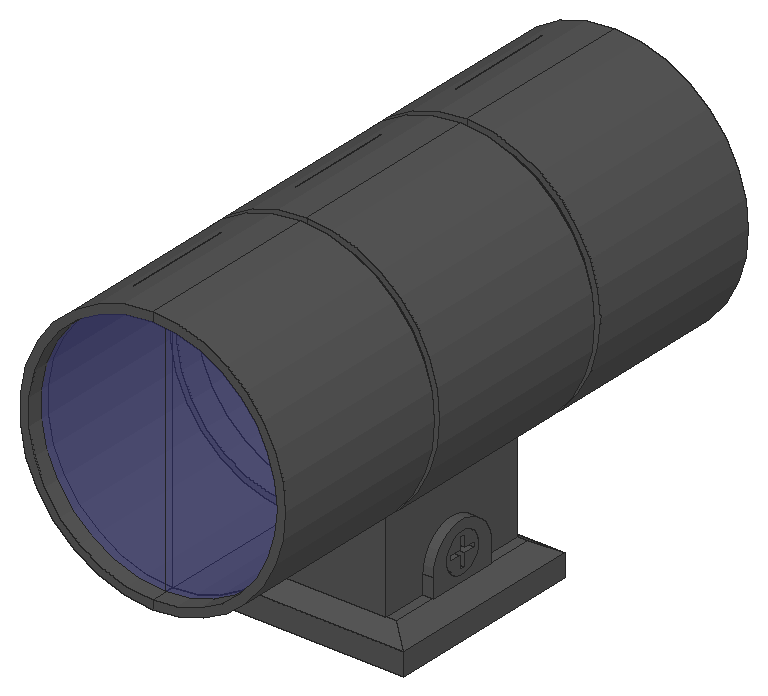
Revit family "CARLO CYLINDER LIGHT WALL MOUNT", category Lighting Fixtures, host Face, Revit 2020 (continued)
Types (10): name | Wattage_Input | Wattage Comments | Wattage | Photometric Web File | built-in parameter 1150142 | Model | built-in parameter 1150105 | Lumens | Light Length 1 | LIGHT RADIUS | LIGHT PLACEMENT | LIGHT LENGTH | LIGHT DIA | built-in parameter 1150106 | FIXED END HEIGHT | Curve base Height | Base Curve | BEAMING ANGLE | Apparent Load
     1.4379 1.5297 \r\n 1.6317 1.7405 1.8452 1.9214 2.0071 2.1462 2.2971 2.428 2.5538 2.6769 \r\n 2.803 2.9376 3.0841 3.2497 3.4277 3.6121 3.8072 4.0195 4.2355 4.441 \r\n 4.6444 4.8162 5.0569 5.4714 6.0172 6.7094 7.4797 8.2426 9.0636 9.6719 \r\n 10.99 14.011 18.255 23.623 29.972 37.161 45.091 53.803 62.742 71.267 \r\n 79.682 88.133 96.443 104.62 112.24 118.75 124.54 130.1 134.61 136.97 \r\n 138.52 140.35 142.08 143.64 145.2 146.93 148.75 150.62 152.59 154.65 \r\n 156.87 159.3 161.95 164.81 167.91 171.2 174.91 179.22 184.2 189.86 \r\n 196.6 204.68 214.47 226.8 240.44 254.21 268.73 284.34 300.75 317.79 \r\n 335.44 353.62 372.22 391.1 410.3 429.82 449.61 469.69 489.78 509.45 \r\n 529.13 549.26 569.33 588.91 608.19 627.31 646.09 664.4 682.22 699.4 \r\n 716.1 732.51 748.45 763.88 778.64 792.5 805.57 817.87 829.34 840.02 \r\n 849.74 858.19 865.83 873.16 879.77 885.45 890.09 893.61 895.75 896.15 \r\n 896.17 \r\n892.81 895.11 893.66 891.15 887.82 883.89 879.37 874.43 868.7 861.77 \r\n 853.86 845.06 835.28 824.51 812.64 799.38 785.22 770.56 755.35 739.68 \r\n 723.52 706.84 689.69 672.11 654.16 635.87 617.32 598.66 579.67 560.01 \r\n 540.08 520.18 500.17 479.81 459.64 440.31 421.21 401.83 382.51 363.3 \r\n 344.54 326.7 309.43 292.33 276.06 261.33 247.62 234.45 222.43 212.17 \r\n 203.28 195.63 189.06 183.5 178.65 174.21 170.23 166.74 163.59 160.61 \r\n 157.85 155.31 152.96 150.73 148.66 146.84 145.04 143.04 140.96 139.2 \r\n 136.7 132.15 126.76 121.64 115.82 108.44 100.29 91.857 83.175 74.354 \r\n 65.684 57.606 49.778 41.825 34.284 27.538 21.672 16.842 13.212 11.253 \r\n 10.188 9.4262 8.8784 8.2096 7.5676 6.9867 6.4718 6.0536 5.6888 5.3392 \r\n 5.0204 4.739 4.484 4.2532 4.0277 3.7792 3.5333 3.3032 3.0978 2.9374 \r\n 2.8016 2.6793 2.5638 2.4446 2.3217 2.186 2.0557 1.9531 1.8567 1.7468 \r\n 1.6395 1.5462 1.4617 1.3878 1.3148 1.2295 1.1447 1.071 1.003 0.93988 \r\n 0.8791 0.81645 0.75586 0.70003 0.64844 0.60248 0.55924 0.51826 0.47892 0.44017 \r\n 0.40301 0.36747 0.33541 0.31072 0.28738 0.2587 0.2305 0.2072 0.18625 0.16592 \r\n 0.14822 0.13618 0.12501 0.10919 0.093832 0.083454 0.07438 0.06434 0.053637 0.040855 \r\n 0.028883 0.020616 0.014611 0.010886 0.0079519 0.0035598 0 0 0 0 \r\n 0 0 0 0 0 0 0 0 0 0 \r\n 0 0 0 0 0 0 0 0 0 0 \r\n 0 0 0.000074 0.0028826 0.0059634 0.0071303 0.0082138 0.010142 0.013437 0.019565 \r\n 0.026614 0.032416 0.039208 0.049347 0.060297 0.069236 0.079383 0.09408 0.11014 0.12507 \r\n 0.14013 0.15509 0.17183 0.19346 0.21597 0.23376 0.25462 0.28798 0.3234 0.35122 \r\n 0.37862 0.40838 0.44401 0.49394 0.54617 0.58943 0.62994 0.66585 0.71023 0.78625 \r\n 0.8648 0.91753 0.96545 1.0174 1.0816 1.1799 1.2804 1.3469 1.4135 1.5087 \r\n 1.6127 1.7162 1.8159 1.8947 1.9844 2.1247 2.2753 2.4027 2.5262 2.6548 \r\n 2.7867 2.9206 3.0642 3.2262 3.4025 3.5913 3.7941 4.0181 4.2447 4.4547 \r\n 4.6573 4.8125 5.0497 5.5043 6.1184 6.9176 7.7863 8.5934 9.4118 9.95 \r\n 11.17 14.105 18.249 23.461 29.679 36.87 44.809 53.403 62.223 70.753 \r\n 79.163 87.453 95.629 103.85 111.66 118.65 124.82 130.17 134.38 136.76 \r\n 138.38 140.18 141.86 143.41 144.94 146.62 148.38 150.26 152.24 154.31 \r\n 156.54 158.96 161.58 164.43 167.53 170.85 174.58 178.88 183.84 189.44 \r\n 196.11 204.1 213.83 226.33 240.04 253.41 267.51 283.09 299.56 316.57 \r\n 334.18 352.38 370.99 389.83 408.96 428.41 448.16 468.32 488.49 508.1 \r\n 527.72 547.94 568.13 587.76 607.07 626.21 644.99 663.23 681.04 698.51 \r\n 715.48 731.79 747.59 763.07 777.94 791.95 805.13 817.38 828.8 839.58 \r\n 849.42 857.85 865.47 872.85 879.51 885.2 889.86 893.49 895.71 896.12 \r\n 896.17 \r\n892.81 894.9 893.27 890.59 887.15 883.23 878.74 873.77 867.96 860.93 \r\n 852.88 843.87 833.9 823.08 811.14 797.66 783.27 768.5 753.3 737.92 \r\n 722.05 705.37 688.1 670.3 652.13 633.76 615.18 596.57 577.55 557.59 \r\n 537.36 517.56 497.69 477.19 456.89 437.73 418.78 399.2 379.64 360.41 \r\n 341.72 324.03 306.91 289.87 273.59 258.67 244.86 232.01 220.41 210.41 \r\n 201.73 194.28 187.89 182.43 177.67 173.29 169.37 165.92 162.8 159.85 \r\n 157.12 154.63 152.32 150.14 148.11 146.33 144.56 142.57 140.48 138.73 \r\n 136.16 131.22 125.45 120.25 114.45 107.09 98.957 90.465 81.688 72.7 \r\n 63.909 55.916 48.217 40.296 32.794 26.144 20.449 15.935 12.663 11.053 \r\n 10.251 9.5231 8.9345 8.2686 7.6352 7.0744 6.5788 6.1737 5.8009 5.3899 \r\n 5.0027 4.6874 4.4148 4.1799 3.9572 3.7107 3.4668 3.2349 3.0296 2.8771 \r\n 2.7517 2.6392 2.5308 2.4095 2.2847 2.1571 2.036 1.9372 1.8413 1.7271 \r\n 1.6165 1.5282 1.4504 1.3798 1.3083 1.2204 1.1338 1.0647 1.0013 0.93575 \r\n 0.8716 0.80946 0.75004 0.694 0.64206 0.59606 0.55334 0.51531 0.47851 0.43851 \r\n 0.39969 0.36475 0.33433 0.31278 0.29169 0.26097 0.23004 0.20618 0.18576 0.16743 \r\n 0.15167 0.13952 0.12799 0.11322 0.098937 0.088477 0.079103 0.069208 0.05874 0.046239 \r\n 0.034318 0.025414 0.0186 0.014446 0.010898 0.0049874 0.000035 0 0 0 \r\n 0 0 0 0 0 0 0 0 0 0 \r\n 0 0 0 0 0 0 0 0 0 0 \r\n 0 0 0.000023 0.00091533 0.0018756 0.0021817 0.0024443 0.0026388 0.0039479 0.0080309 \r\n 0.013434 0.018615 0.025496 0.036726 0.048576 0.056733 0.065612 0.079138 0.094474 0.11003 \r\n 0.12597 0.14114 0.15787 0.17955 0.20186 0.21881 0.2388 0.27178 0.30711 0.33502 \r\n 0.36282 0.39365 0.43011 0.47945 0.5309 0.57429 0.61508 0.65097 0.69502 0.76901 \r\n 0.84519 0.89594 0.94269 0.99575 1.0609 1.1571 1.2554 1.3225 1.3907 1.4886 \r\n 1.5937 1.6919 1.7867 1.8689 1.9631 2.1035 2.2525 2.3768 2.4989 2.6329 \r\n 2.7704 2.9037 3.0445 3.2024 3.3762 3.5687 3.7789 4.0146 4.2522 4.4675 \r\n 4.6703 4.8101 5.0439 5.5358 6.2134 7.1115 8.0712 8.9181 9.7331 10.213 \r\n 11.335 14.142 18.141 23.192 29.281 36.459 44.386 52.84 61.521 70.037 \r\n 78.438 86.588 94.655 102.92 110.91 118.36 124.91 130.04 133.95 136.42 \r\n 138.17 139.95 141.58 143.11 144.63 146.24 147.95 149.82 151.81 153.9 \r\n 156.14 158.54 161.15 163.99 167.09 170.43 174.18 178.47 183.4 188.95 \r\n 195.55 203.43 213.08 225.67 239.4 252.4 266.11 281.65 298.17 315.16 \r\n 332.74 350.95 369.57 388.37 407.45 426.83 446.53 466.77 487.01 506.58 \r\n 526.17 546.49 566.8 586.48 605.83 624.98 643.74 661.92 679.73 697.48 \r\n 714.72 730.96 746.64 762.18 777.17 791.34 804.63 816.82 828.18 839.07 \r\n 849.01 857.46 865.08 872.51 879.22 884.91 889.59 893.32 895.65 896.07 \r\n 896.17 \r\n892.81 894.72 892.98 890.2 886.68 882.74 878.22 873.22 867.35 860.23 \r\n 852.07 842.97 832.92 822.06 810.05 796.36 781.78 767 751.88 736.68 \r\n 720.97 704.32 687.01 669.06 650.74 632.33 613.74 595.09 575.98 555.77 \r\n 535.34 515.62 495.86 475.31 454.92 435.76 416.81 397.16 377.54 358.29 \r\n 339.6 321.9 304.8 287.81 271.61 256.81 243.14 230.4 218.94 209.11 \r\n 200.62 193.33 187.07 181.7 177 172.68 168.8 165.37 162.26 159.32 \r\n 156.61 154.16 151.89 149.76 147.77 146 144.24 142.26 140.17 138.37 \r\n 135.69 130.6 124.65 119.25 113.29 105.89 97.753 89.265 80.476 71.411 \r\n 62.536 54.497 46.789 38.919 31.504 24.938 19.389 15.175 12.229 10.873 \r\n 10.248 9.5453 8.9308 8.2743 7.6558 7.1189 6.6428 6.24 5.8545 5.4074 \r\n 4.9806 4.6422 4.3556 4.1177 3.8969 3.6515 3.4088 3.1769 2.9723 2.8234 \r\n 2.703 2.5978 2.495 2.3722 2.2459 2.1239 2.0093 1.9137 1.8188 1.7013 \r\n 1.5882 1.5053 1.4333 1.3631 1.2903 1.202 1.1153 1.0481 0.98635 0.91963 \r\n 0.85438 0.79433 0.73722 0.68112 0.62875 0.58316 0.54138 0.50561 0.47071 0.43007 \r\n 0.39031 0.3559 0.32675 0.30768 0.28839 0.25611 0.22307 0.19873 0.1787 0.1621 \r\n 0.14788 0.13495 0.12246 0.10847 0.095077 0.084252 0.074452 0.064972 0.055284 0.043847 \r\n 0.032998 0.024824 0.018528 0.01469 0.011266 0.0052414 0.00011126 0 0 0 \r\n 0 0 0 0 0 0 0 0 0 0 \r\n 0 0 0 0 0 0 0 0 0 0 \r\n 0 0 0 0 0 0.000275 0.00066318 0.00062373 0.0015688 0.0050902 \r\n 0.010108 0.015591 0.022982 0.034692 0.046782 0.054529 0.0627 0.075313 0.089881 0.10539 \r\n 0.12145 0.1364 0.15298 0.17507 0.19762 0.21387 0.23284 0.26455 0.29912 0.3281 \r\n 0.35718 0.38817 0.42422 0.47237 0.52268 0.56652 0.60835 0.64588 0.69067 0.76145 \r\n 0.83431 0.88521 0.9333 0.98829 1.0545 1.1481 1.2437 1.3121 1.3816 1.4779 \r\n 1.5806 1.6758 1.7689 1.8539 1.9506 2.0873 2.2323 2.3562 2.4794 2.6156 \r\n 2.7549 2.8875 3.0262 3.1804 3.3509 3.5419 3.7534 3.9965 4.2429 4.4651 \r\n 4.6711 4.8035 5.0307 5.5262 6.2171 7.1474 8.1406 9.0123 9.8294 10.284 \r\n 11.317 13.89 17.632 22.519 28.478 35.551 43.375 51.686 60.234 68.672 \r\n 77.03 85.16 93.245 101.57 109.68 117.44 124.22 129.16 132.89 135.64 \r\n 137.73 139.53 141.11 142.61 144.1 145.67 147.34 149.19 151.18 153.26 \r\n 155.49 157.89 160.49 163.31 166.38 169.71 173.43 177.69 182.56 188.04 \r\n 194.52 202.24 211.7 224.05 237.55 250.34 263.91 279.4 295.91 312.92 \r\n 330.52 348.7 367.27 386.01 405.05 424.43 444.14 464.37 484.62 504.25 \r\n 523.93 544.34 564.72 584.45 603.83 622.96 641.71 659.87 677.71 695.66 \r\n 713.11 729.42 745.14 760.77 775.87 790.2 803.63 815.84 827.2 838.15 \r\n 848.19 856.78 864.53 872.03 878.79 884.51 889.23 893.08 895.52 896 \r\n 896.17 \r\n892.81 894.55 892.78 889.98 886.43 882.42 877.83 872.78 866.88 859.68 \r\n 851.46 842.38 832.36 821.46 809.38 795.5 780.78 766.09 751.12 735.96 \r\n 720.28 703.68 686.39 668.39 650 631.59 612.98 594.2 574.94 554.57 \r\n 534.04 514.37 494.7 474.16 453.74 434.4 415.29 395.73 376.22 356.96 \r\n 338.2 320.33 303.09 286.14 270.12 255.77 242.48 229.65 218.03 208.3 \r\n 199.97 192.79 186.63 181.32 176.66 172.38 168.53 165.1 161.99 159.05 \r\n 156.34 153.92 151.69 149.6 147.64 145.86 144.08 142.12 140.03 138.1 \r\n 135.31 130.3 124.38 118.65 112.34 104.83 96.675 88.242 79.522 70.472 \r\n 61.559 53.348 45.496 37.694 30.412 23.925 18.5 14.569 11.91 10.71 \r\n 10.17 9.4842 8.8608 8.2204 7.6227 7.1126 6.6557 6.245 5.8439 5.3883 \r\n 4.9535 4.604 4.3084 4.0688 3.8488 3.6033 3.361 3.1308 2.9278 2.7781 \r\n 2.6574 2.5562 2.4574 2.3339 2.2066 2.0874 1.9763 1.8832 1.7896 1.6699 \r\n 1.5555 1.4779 1.4108 1.3378 1.2613 1.1744 1.0898 1.0216 0.95855 0.89194 \r\n 0.82795 0.77142 0.71764 0.66177 0.60903 0.56413 0.52364 0.48931 0.4556 0.41501 \r\n 0.37513 0.34116 0.31282 0.29542 0.27737 0.24417 0.20983 0.18513 0.16531 0.15009 \r\n 0.13689 0.12261 0.10859 0.095056 0.082341 0.070919 0.060623 0.051796 0.043376 0.033735 \r\n 0.02492 0.018782 0.014283 0.011502 0.0089441 0.004188 0.000088 0 0 0 \r\n 0 0 0 0 0 0 0 0 0 0 \r\n 0 0 0 0 0 0 0 0 0 0 \r\n 0 0 0 0 0 0.0012844 0.0030029 0.0042799 0.0064762 0.01094 \r\n 0.016834 0.023493 0.031753 0.043278 0.054914 0.062649 0.070716 0.082729 0.096537 0.11132 \r\n 0.1267 0.14101 0.1573 0.18011 0.2033 0.21906 0.23693 0.26655 0.29973 0.33065 \r\n 0.36178 0.39199 0.42635 0.47273 0.5216 0.56638 0.61017 0.65092 0.69744 0.76372 \r\n 0.83223 0.88547 0.93744 0.99483 1.062 1.1528 1.2456 1.3157 1.3862 1.4767 \r\n 1.5732 1.6682 1.7627 1.8498 1.9466 2.0763 2.2146 2.341 2.4679 2.6029 \r\n 2.7398 2.8714 3.0087 3.1599 3.3264 3.5107 3.7174 3.963 4.215 4.4453 \r\n 4.6574 4.791 5.0087 5.4721 6.1235 7.0146 7.9794 8.859 9.6839 10.148 \r\n 11.101 13.341 16.721 21.436 27.262 34.138 41.77 49.939 58.367 66.665 \r\n 74.948 83.18 91.411 99.808 107.99 115.86 122.73 127.53 131.22 134.45 \r\n 137.04 138.92 140.43 141.92 143.38 144.93 146.58 148.4 150.36 152.41 \r\n 154.61 157.01 159.59 162.39 165.42 168.68 172.34 176.54 181.34 186.7 \r\n 193.02 200.54 209.7 221.48 234.47 247.27 260.95 276.36 292.81 309.87 \r\n 327.53 345.63 364.1 382.79 401.8 421.23 441 461.13 481.32 501.14 \r\n 521.02 541.48 561.88 581.66 601.07 620.19 638.92 657.11 675.02 693.08 \r\n 710.68 727.19 743.1 758.84 774.03 788.53 802.12 814.42 825.85 836.83 \r\n 846.96 855.81 863.82 871.41 878.22 883.99 888.78 892.74 895.32 895.91 \r\n 896.17 \r\n892.81 894.38 892.6 889.79 886.21 882.12 877.44 872.34 866.4 859.14 \r\n 850.87 841.81 831.81 820.86 808.7 794.66 779.83 765.26 750.43 735.29 \r\n 719.59 703.02 685.76 667.72 649.29 630.9 612.26 593.32 573.87 553.4 \r\n 532.81 513.17 493.55 473.05 452.61 433.05 413.75 394.29 374.92 355.67 \r\n 336.83 318.77 301.37 284.46 268.64 254.78 241.91 228.99 217.17 207.54 \r\n 199.36 192.3 186.23 180.98 176.35 172.11 168.3 164.87 161.75 158.82 \r\n 156.12 153.72 151.52 149.48 147.56 145.75 143.94 142.01 139.91 137.81 \r\n 134.88 130.02 124.19 118.12 111.41 103.77 95.598 87.226 78.588 69.582 \r\n 60.65 52.25 44.234 36.5 29.359 22.97 17.686 14.036 11.648 10.563 \r\n 10.072 9.3973 8.7707 8.1497 7.576 7.0928 6.654 6.2324 5.8144 5.3558 \r\n 4.9202 4.5653 4.2646 4.0237 3.8037 3.5578 3.3161 3.0887 2.8881 2.737 \r\n 2.6151 2.5164 2.4204 2.2963 2.1684 2.0513 1.9426 1.8511 1.7585 1.638 \r\n 1.5235 1.4507 1.3876 1.3109 1.2304 1.1458 1.064 0.99417 0.92902 0.86282 \r\n 0.80059 0.74765 0.69719 0.64164 0.58859 0.54445 0.50524 0.47196 0.43912 0.39895 \r\n 0.35938 0.32586 0.29813 0.28187 0.26467 0.23097 0.19589 0.17098 0.15137 0.1373 \r\n 0.1249 0.10921 0.093656 0.080465 0.068336 0.056336 0.045593 0.037447 0.030333 0.022543 \r\n 0.015843 0.011874 0.0093073 0.0076317 0.0060271 0.0028421 0.000060 0 0 0 \r\n 0 0 0 0 0 0 0 0 0 0 \r\n 0 0 0 0 0 0 0 0 0 0 \r\n 0 0 0 0 0 0.002659 0.0061393 0.0090229 0.012711 0.018344 \r\n 0.025285 0.033198 0.042314 0.053485 0.064513 0.072294 0.080399 0.092017 0.10519 0.11903 \r\n 0.13349 0.14715 0.16316 0.18657 0.21033 0.22584 0.24283 0.27026 0.30189 0.33475 \r\n 0.36794 0.3972 0.42966 0.47408 0.52136 0.56705 0.61284 0.65693 0.70529 0.76679 \r\n 0.83083 0.88701 0.94348 1.0034 1.0714 1.1591 1.2487 1.3209 1.3925 1.4761 \r\n 1.5657 1.6611 1.758 1.8471 1.9436 2.0652 2.1962 2.3258 2.457 2.5898 \r\n 2.7233 2.8534 2.9892 3.1377 3.3004 3.4776 3.6788 3.925 4.1809 4.4185 \r\n 4.6369 4.7751 4.9841 5.4073 6.0054 6.8352 7.751 8.6292 9.4606 9.9485 \r\n 10.832 12.715 15.705 20.238 25.922 32.582 40.005 48.025 56.328 64.476 \r\n 72.681 81.045 89.449 97.912 106.13 114.07 120.98 125.7 129.42 133.17 \r\n 136.29 138.25 139.71 141.18 142.62 144.15 145.79 147.58 149.51 151.52 \r\n 153.7 156.09 158.67 161.43 164.42 167.62 171.2 175.34 180.05 185.3 \r\n 191.46 198.77 207.61 218.73 231.17 244.02 257.89 273.2 289.53 306.65 \r\n 324.37 342.4 360.77 379.41 398.4 417.9 437.72 457.76 477.89 497.9 \r\n 518.01 538.53 558.94 578.76 598.2 617.31 636.04 654.29 672.29 690.42 \r\n 708.13 724.86 741.01 756.86 772.14 786.79 800.54 812.94 824.44 835.46 \r\n 845.66 854.79 863.08 870.77 877.61 883.44 888.3 892.38 895.08 895.81 \r\n 896.17 \r\n892.81 894.21 892.41 889.59 885.98 881.81 877.04 871.88 865.88 858.56 \r\n 850.25 841.21 831.21 820.18 807.9 793.74 778.85 764.4 749.72 734.55 \r\n 718.8 702.24 684.98 666.92 648.47 630.1 611.44 592.3 572.65 552.11 \r\n 531.52 511.87 492.26 471.82 451.38 431.58 412.07 392.71 373.5 354.26 \r\n 335.35 317.09 299.54 282.68 267.06 253.67 241.23 228.23 216.27 206.74 \r\n 198.72 191.78 185.81 180.61 176.03 171.84 168.05 164.63 161.51 158.58 \r\n 155.91 153.52 151.36 149.36 147.47 145.64 143.79 141.89 139.78 137.47 \r\n 134.37 129.69 123.98 117.57 110.46 102.68 94.487 86.167 77.607 68.659 \r\n 59.727 51.153 42.98 35.308 28.307 22.046 16.931 13.562 11.431 10.431 \r\n 9.9574 9.2914 8.6663 8.0673 7.5198 7.0625 6.64 6.2067 5.7719 5.3126 \r\n 4.8799 4.5249 4.2236 3.9817 3.7609 3.5145 3.2735 3.0499 2.8528 2.7009 \r\n 2.5775 2.4799 2.3852 2.2608 2.1327 2.0171 1.9102 1.8191 1.7268 1.607 \r\n 1.494 1.4252 1.3649 1.2843 1.1998 1.1183 1.0401 0.96822 0.90059 0.83494 \r\n 0.77458 0.7249 0.67742 0.62225 0.56904 0.52566 0.48757 0.45494 0.42271 0.38331 \r\n 0.34447 0.31141 0.28406 0.26838 0.25163 0.21791 0.1827 0.1578 0.13839 0.12523 \r\n 0.11337 0.096395 0.07947 0.06653 0.054886 0.042424 0.031355 0.023846 0.017925 0.011844 \r\n 0.0070935 0.005112 0.0043098 0.0036177 0.002913 0.0013854 0.000029 0 0 0 \r\n 0 0 0 0 0 0 0 0 0 0 \r\n 0 0 0 0 0 0 0 0 0 0 \r\n 0 0 0 0 0.000000 0.004102 0.0094072 0.013892 0.019034 0.025784 \r\n 0.033688 0.042713 0.052542 0.06326 0.073627 0.081452 0.089664 0.10111 0.11383 0.12664 \r\n 0.14004 0.15311 0.1689 0.19265 0.21678 0.23232 0.24879 0.27414 0.30419 0.33874 \r\n 0.37372 0.40201 0.43259 0.47496 0.52058 0.56707 0.61469 0.66182 0.71174 0.76854 \r\n 0.82828 0.88769 0.94888 1.0111 1.0796 1.1639 1.2503 1.325 1.3981 1.4743 \r\n 1.5566 1.6529 1.7527 1.8437 1.9398 2.053 2.1764 2.3093 2.4451 2.5753 \r\n 2.7046 2.8328 2.9667 3.1129 3.2722 3.4432 3.6389 3.8842 4.1421 4.3856 \r\n 4.6096 4.7551 4.957 5.3372 5.8748 6.6291 7.4815 8.3492 9.1844 9.7064 \r\n 10.531 12.058 14.651 18.988 24.518 30.962 38.177 46.04 54.213 62.216 \r\n 70.351 78.854 87.436 95.949 104.19 112.15 119.08 123.79 127.63 131.89 \r\n 135.51 137.56 138.99 140.45 141.88 143.4 145.02 146.79 148.68 150.66 \r\n 152.8 155.18 157.77 160.5 163.45 166.57 170.08 174.15 178.78 183.92
